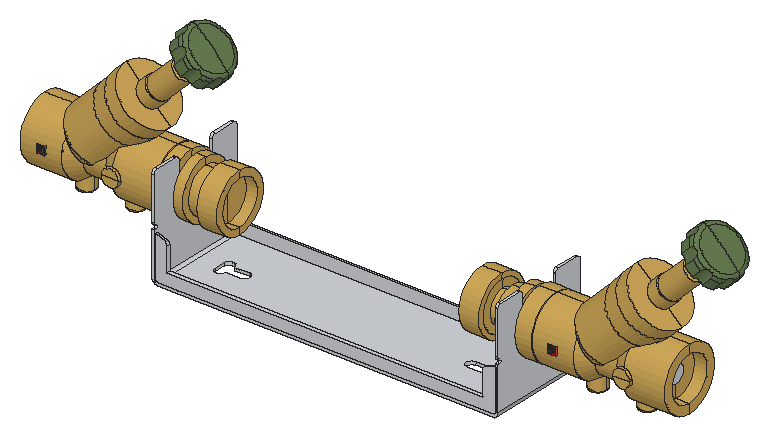
Revit family "Комплект для подключения счетчиков воды 4126", category Rohrzubehör, Revit 2021
Family settings
  Bemaßung runder Anschluss = Durchmesser verwenden
  Teiletyp = Unterbricht
  OmniClass-Nummer = 23.65.55.14
  OmniClass-Titel = Valves for Liquid Services
  Arbeitsebenenbasiert = Nein
  Immer vertikal = Ja
  Beim Laden mit Abzugskörper schneiden = Nein
  Gemeinsam genutzt = Nein
Parameters
  Шпиндель = "штампованная латунь CW 617N"  # constant formula
  Среда = "Питьевая вода"  # constant formula
  Примечание = "В соответствии со статьей 33 Регламента REACH (Registration; Evaluation; Authorisation; Restriction of Chemicals) (EC № 1907/2006) мы обязаны указать, что свинец внесен в список SVHC (Substances of Very High Concern - вещества очень высокой важности) и весовой процент свинца во всех латунных компонентах заводского изготовления в наших изделиях, превышает 0,1 % (w/w) (CAS: 7439-92-1 / EINECS: 231-100-4).\r\nПоскольку свинец является легирующим компонентом сплава, прямое негативное влияние исключается, и поэтому дополнительной информации о безопасном использовании не требуется."
  Область применения = "Для перекрытия трубопроводов системы питьевого водоснабжения и для установки водосчетчика."
  Номер заказа [instance] = size_lookup("4126W_", "Artnr", 0, Nennweite AG)  # 2412666
  Маховик = "пластик, цвет - зеленый"  # constant formula
  Макс. рабочее давление = 1600000.0 Pa  # constant formula
  Макс. рабочая температура = 80 °C  # constant formula
  Корпус = "литая латунь, устойчивая к селективной цинковой коррозии, CC770S"  # constant formula
  Давление открытия обратного клапана = "согласно DIN EN 13959"  # constant formula
  W01 = 20.00°  # constant formula
  Vorgabe-Ansicht = 0.000 mm
  URL = "www.herz-armaturen.ru"
  T03 [instance] = R02 - 3.000 mm  # 54.500 mm
  T02 = 17.000 mm  # constant formula
  T01 = 3.000 mm  # constant formula
  SW03 [instance] = size_lookup("4126W_", "SW3", 1.000 mm, Nennweite AG)  # 32.500 mm
  SW02 [instance] = size_lookup("4126W_", "SW2", 1.000 mm, Nennweite AG)  # 32.500 mm
  SW01 [instance] = size_lookup("4126W_", "SW1", 1.000 mm, Nennweite AG)  # 35.000 mm
  SC_NennweiteBerechnet = 0
  SC_Dimension = ""
  SCTWSEQ = "AW;SBT_TYP_AW=\"105\";2"
  SCTWCODE = "02;01;02"  # constant formula
  S05 [instance] = L02 + L12 - L03  # 214.500 mm
  S04 [instance] = L02 + L04 - L03  # 211.500 mm
  S03 = 10.000 mm  # constant formula
  S02 [instance] = Nennweite IG  # 50.000 mm
  S01 [instance] = L01 - L03  # 56.000 mm
  S = 3.000 mm  # constant formula
  R50 = 4.000 mm  # constant formula
  R02 [instance] = size_lookup("4126W_", "R2", 1.000 mm, Nennweite AG)  # 57.500 mm
  R01 [instance] = size_lookup("4126W_", "R1", 1.000 mm, Nennweite AG)  # 24.000 mm
  Nennweite IG [instance] = size_lookup("4126W_", "DN1", 1.000 mm, Nennweite AG)  # 50.000 mm
  Nennweite AG [instance] = 50.000 mm
  Макс. перепад давления на закрытом седле = 1000000.0 Pa  # constant formula
  L99 [instance] = size_lookup("4126W_", "L99", 1.000 mm, Nennweite AG)  # 300.000 mm
  L15 = 2.000 mm  # constant formula
  L14 [instance] = size_lookup("4126W_", "L14", 1.000 mm, Nennweite AG)  # 64.000 mm
  L13 [instance] = size_lookup("4126W_", "L13", 1.000 mm, Nennweite AG)  # 54.500 mm
  L12 [instance] = size_lookup("4126W_", "L12", 1.000 mm, Nennweite AG)  # 39.500 mm
  L11 [instance] = size_lookup("4126W_", "L11", 1.000 mm, Nennweite AG)  # 70.000 mm
  L10 [instance] = size_lookup("4126W_", "L10", 1.000 mm, Nennweite AG)  # 15.000 mm
  L09 [instance] = size_lookup("4126W_", "L9", 1.000 mm, Nennweite AG)  # 25.500 mm
  L08 [instance] = size_lookup("4126W_", "L8", 1.000 mm, Nennweite AG)  # 13.400 mm
  L07 [instance] = size_lookup("4126W_", "L7", 1.000 mm, Nennweite AG)  # 22.000 mm
  L06 [instance] = size_lookup("4126W_", "L6", 1.000 mm, Nennweite AG)  # 25.000 mm
  L05 [instance] = size_lookup("4126W_", "L5", 1.000 mm, Nennweite AG)  # 35.500 mm
  L04 [instance] = size_lookup("4126W_", "L4", 1.000 mm, Nennweite AG)  # 36.500 mm
  L03 [instance] = size_lookup("4126W_", "L3", 1.000 mm, Nennweite AG)  # 21.000 mm
  L02 [instance] = (L00 / 2) + 1.000 mm  # 196.000 mm
  L01 [instance] = size_lookup("4126W_", "L1", 1.000 mm, Nennweite AG)  # 77.000 mm
  L00 [instance] = size_lookup("4126W_", "L", 1.000 mm, Nennweite AG)  # 390.000 mm
  Конус = "штампованная латунь CW 617N"  # constant formula
  Hersteller = "HERZ Armaturen Ges.m.b.H."  # constant formula
  H01 [instance] = 75.000 mm  # constant formula
  H00 [instance] = 115.000 mm  # constant formula
  Незапланированные повышения температуры = "до  95 °C, продолжительностью не более 1 часа"  # constant formula
  G2 [instance] = Nennweite IG / 2  # 25.000 mm
  G1 [instance] = Nennweite AG / 2  # 25.000 mm
  DN50 [instance] = Nennweite AG = 50.000 mm  # yes
  DN40 [instance] = Nennweite AG = 40.000 mm  # no
  DN32 [instance] = Nennweite AG = 32.000 mm  # no
  DN25 [instance] = Nennweite AG = 25.000 mm  # no
  DN20 [instance] = Nennweite AG = 20.000 mm  # no
  D06 [instance] = size_lookup("4126W_", "D6", 1.000 mm, Nennweite AG)  # 21.500 mm
  D05 [instance] = size_lookup("4126W_", "D5", 1.000 mm, Nennweite AG)  # 27.000 mm
  D04 [instance] = size_lookup("4126W_", "D4", 1.000 mm, Nennweite AG)  # 18.200 mm
  D03 [instance] = size_lookup("4126W_", "D3", 1.000 mm, Nennweite AG)  # 25.000 mm
  D02 [instance] = size_lookup("4126W_", "D2", 1.000 mm, Nennweite AG)  # 25.000 mm
  D01 [instance] = size_lookup("4126W_", "D1", 1.000 mm, Nennweite AG)  # 22.500 mm
  Скоба = "оцинкованная листовая сталь"  # constant formula
  ABvor [instance] = size_lookup("4126W_", "ABvor", 1.000 mm, Nennweite AG)  # 346.500 mm
  ABnach [instance] = size_lookup("4126W_", "ABnach", 1.000 mm, Nennweite AG)  # 349.500 mm
Reference planes
  plane 1 "Mitte (Vorne/hinten)": y = 0
  plane 2: z = 0
  plane 3 "Mitte (Links/rechts)": x = 0
Forms (mm)
  Extrusion 1, solid, detail levels fine
    sketch origin (0, 0, 0) x (1, 0, 0) y (0, 0, 1)
      loop
        line (195, 40) -> (192, 40) -> (192, -69)
        arc (192, -69) -> (191.121, -71.121) -> (189, -72) r 3
        line (189, -72) -> (-189, -72)
        arc (-189, -72) -> (-191.121, -71.121) -> (-192, -69) r 3
        line (-192, -69) -> (-192, 40) -> (-195, 40) -> (-195, -69)
        arc (-195, -69) -> (-193.243, -73.243) -> (-189, -75) r 6
        line (-189, -75) -> (189, -75)
        arc (189, -75) -> (193.243, -73.243) -> (195, -69) r 6
        line (195, -69) -> (195, 40)
    from -57.5 to 57.5
  Extrusion 2, solid, detail levels fine
    sketch origin (0, 0, 0) x (1, 0, 0) y (0, 0, 1)
      loop
        line (-192, -23.301) -> (-192, -69)
        arc (-192, -69) -> (-191.121, -71.121) -> (-189, -72) r 3
        line (-189, -72) -> (189, -72)
        arc (189, -72) -> (191.121, -71.121) -> (192, -69) r 3
        line (192, -69) -> (192, -23.301) -> (180.632, -27.439)
        arc (180.632, -27.439) -> (178.723, -28.904) -> (178, -31.198) r 4
        line (178, -31.198) -> (178, -58) -> (-178, -58) -> (-178, -31.198)
        arc (-178, -31.198) -> (-178.723, -28.904) -> (-180.632, -27.439) r 4
        line (-180.632, -27.439) -> (-192, -23.301)
    from -57.5 to -54.5
  Extrusion 3, void
    sketch origin (0, 0, 0) x (0, 1, 0) y (0, 0, 1)
      loop
        arc (-24, 0) -> (0, -24) -> (24, 0) r 24
        line (24, 0) -> (24, 36)
        arc (24, 36) -> (25.172, 38.828) -> (28, 40) r 4
        line (28, 40) -> (53.5, 40)
        arc (53.5, 40) -> (56.328, 38.828) -> (57.5, 36) r 4
        line (57.5, 36) -> (57.5, -13)
        arc (57.5, -13) -> (56.621, -15.121) -> (54.5, -16) r 3
        arc (54.5, -16) -> (52.5, -18) -> (54.5, -20) r 2
        line (54.5, -20) -> (65.5, -20) -> (65.5, 45) -> (-65.5, 45) -> (-65.5, -20) -> (-54.5, -20)
        arc (-54.5, -20) -> (-52.5, -18) -> (-54.5, -16) r 2
        arc (-54.5, -16) -> (-56.621, -15.121) -> (-57.5, -13) r 3
        line (-57.5, -13) -> (-57.5, 36)
        arc (-57.5, 36) -> (-56.328, 38.828) -> (-53.5, 40) r 4
        line (-53.5, 40) -> (-28, 40)
        arc (-28, 40) -> (-25.172, 38.828) -> (-24, 36) r 4
        line (-24, 36) -> (-24, 0)
    from 300 to -300
  Extrusion 4, void
    sketch origin (0, 0, 0) x (1, 0, 0) y (0, 1, 0)
      loop
        arc (119.097, 6.1) -> (112.997, 0) -> (119.097, -6.1) r 6.1
        line (119.097, -6.1) -> (158.897, -6.1)
        arc (158.897, -6.1) -> (164.997, 0) -> (158.897, 6.1) r 6.1
        line (158.897, 6.1) -> (119.097, 6.1)
      loop
        line (-165, 6.1) -> (-165, -6.1)
        arc (-165, -6.1) -> (-158.9, -12.2) -> (-152.8, -6.1) r 6.1
        line (-152.8, -6.1) -> (-136.1, -6.1)
        arc (-136.1, -6.1) -> (-130, 0) -> (-136.1, 6.1) r 6.1
        line (-136.1, 6.1) -> (-152.8, 6.1)
        arc (-152.8, 6.1) -> (-158.9, 12.2) -> (-165, 6.1) r 6.1
    from -75 to -72
  Revolve 5, solid, material "Messing, weicher Gelbton, geschweißt", detail levels fine
    sketch origin (0, 0, 0) x (1, 0, 0) y (0, 0, 1)
      loop
        line (-232.5, 0) -> (-155.5, 0) -> (-155.5, 25) -> (-180.5, 25) -> (-180.5, 32.5) -> (-191, 32.5) -> (-191, 22.5) -> (-196, 22.5) -> (-196, 35) -> (-211.5, 35) -> (-211.5, 25) -> (-232.5, 25) -> (-232.5, 0)
      axis (-232.5, 0) -> (-155.5, 0)
    angle from 0 to 360
  Revolve 6, solid, material "Messing, weicher Gelbton, geschweißt", detail levels fine
    sketch origin (0, 0, 0) x (1, 0, 0) y (0, 0, 1)
      loop
        line (-164.1, 0) -> (-155.5, 0) -> (-155.5, 25) -> (-142.1, 25) -> (-142.1, 32.5) -> (-164.1, 32.5) -> (-164.1, 0)
      axis (-164.1, 0) -> (-142.1, 0)
    angle from 0 to 360
  Revolve 7, solid, material "Messing, weicher Gelbton, geschweißt", detail levels fine
    sketch origin (0, 0, 0) x (-1, 0, 0) y (0, 0, 1)
      loop
        line (-235.5, 0) -> (-198, 0) -> (-198, 18.2) -> (-165.5, 18.2) -> (-165.5, 25) -> (-180.5, 25) -> (-180.5, 32.5) -> (-191, 32.5) -> (-191, 22.5) -> (-196, 22.5) -> (-196, 35) -> (-214.5, 35) -> (-214.5, 25) -> (-235.5, 25) -> (-235.5, 0)
      axis (-235.5, 0) -> (-165.5, 0)
    angle from 0 to 360
  Revolve 8, solid, material "Messing, weicher Gelbton, geschweißt", detail levels fine
    sketch origin (0, 0, 0) x (1, 0, 0) y (0, 0, 1)
      loop
        line (208.5, 0) -> (208.5, 18.2) -> (154, 18.2) -> (154, 27) -> (146.5, 27) -> (146.5, 21.5) -> (144.5, 21.5) -> (144.5, 0) -> (208.5, 0)
      axis (144.5, 0) -> (208.5, 0)
    angle from 0 to 360
  Revolve 9, solid, material "Messing, weicher Gelbton, geschweißt", detail levels fine
    sketch origin (-18.22, 0, 0) x (-1, 0, 0) y (0, 0, 1)
      loop
        line (-171.32, 0) -> (-162.72, 0) -> (-162.72, 25) -> (-149.32, 25) -> (-149.32, 32.5) -> (-171.32, 32.5) -> (-171.32, 0)
      axis (-171.32, 0) -> (-149.32, 0)
    angle from 0 to 360
  Extrusion 10, solid, detail levels fine
    sketch origin (0, 0, 0) x (1, 0, 0) y (0, 0, 1)
      loop
        line (-192, -23.301) -> (-192, -69)
        arc (-192, -69) -> (-191.121, -71.121) -> (-189, -72) r 3
        line (-189, -72) -> (189, -72)
        arc (189, -72) -> (191.121, -71.121) -> (192, -69) r 3
        line (192, -69) -> (192, -23.301) -> (180.632, -27.439)
        arc (180.632, -27.439) -> (178.723, -28.904) -> (178, -31.198) r 4
        line (178, -31.198) -> (178, -58) -> (-178, -58) -> (-178, -31.198)
        arc (-178, -31.198) -> (-178.723, -28.904) -> (-180.632, -27.439) r 4
        line (-180.632, -27.439) -> (-192, -23.301)
    from 54.5 to 57.5
  Extrusion 11, solid, detail levels fine
    sketch origin (55, 0, 0) x (0, 1, 0) y (0, 0, -1)
      loop
        circle (0, 0) r 10
    from 398.5 to 401.5
  Extrusion 12, solid, detail levels fine
    sketch origin (125, 0, 0) x (0, 1, 0) y (0, 0, -1)
      loop
        circle (0, 0) r 10
    from -224.5 to -221.5
Cuts and joins
  Extrusion 3, Extrusion 4 cuts Extrusion 1
Lines and regions (mm)
  model lines, detail levels coarse+medium
    curve 1: line (-211.5, 0, 0) -> (-155.5, 0, 0)
    curve 2: line (-155.5, 0, 25) -> (-155.5, 0, -25)
    curve 3: line (-155.5, 0, 25) -> (-165.5, 0, 25)
    curve 4: line (-165.5, 0, 25) -> (-155.5, 0, 0)
    curve 5: line (-155.5, 0, -25) -> (-165.5, 0, -25)
    curve 6: line (-165.5, 0, -25) -> (-155.5, 0, 0)
    curve 7: line (144.5, 0, 25) -> (144.5, 0, -25)
    curve 8: line (144.5, 0, 25) -> (154.5, 0, 25)
    curve 9: line (154.5, 0, 25) -> (144.5, 0, 0)
    curve 10: line (144.5, 0, -25) -> (154.5, 0, -25)
    curve 11: line (154.5, 0, -25) -> (144.5, 0, 0)
    curve 12: line (214.5, 0, 0) -> (144.5, 0, 0)
    curve 13: line (144.5, -25, 0) -> (144.5, 25, 0)
    curve 14: line (144.5, 25, 0) -> (154.5, 25, 0)
    curve 15: line (154.5, 25, 0) -> (144.5, 0, 0)
    curve 16: line (144.5, -25, 0) -> (154.5, -25, 0)
    curve 17: line (154.5, -25, 0) -> (144.5, 0, 0)
    curve 18: line (-155.5, -25, 0) -> (-155.5, 25, 0)
    curve 19: line (-155.5, 25, 0) -> (-165.5, 25, 0)
    curve 20: line (-165.5, 25, 0) -> (-155.5, 0, 0)
    curve 21: line (-155.5, -25, 0) -> (-165.5, -25, 0)
    curve 22: line (-165.5, -25, 0) -> (-155.5, 0, 0)
Dimensions and locks
  "H00": Extrusion 1 sketch curve to Extrusion 1 sketch curve  (x2)
  "T01": Extrusion 1 sketch curve to Extrusion 1 sketch curve  (x3)
  "L00": Extrusion 1 sketch curve to Extrusion 1 sketch curve
  equal spacing: Extrusion 1 sketch curve, plane 3 "Mitte (Links/rechts)", Extrusion 1 sketch curve
  "H01": plane 2 to Extrusion 1 sketch curve
  "T02": Extrusion 2 sketch curve to Extrusion 1
  "T02": Extrusion 1 to Extrusion 2 sketch curve  (x2)
  Extrusion 4 sketch curve to cut or joined group of Extrusion 1, Extrusion 3, Extrusion 4 = 36.103 mm
  Extrusion 4 sketch curve to Extrusion 4 sketch curve = 39.800 mm
  equal spacing: Extrusion 4 sketch curve, plane 1 "Mitte (Vorne/hinten)", Extrusion 4 sketch curve
  Extrusion 4 sketch curve to Extrusion 4 sketch curve = 12.200 mm
  cut or joined group of Extrusion 1, Extrusion 3, Extrusion 4 to Extrusion 4 sketch curve = 36.100 mm
  cut or joined group of Extrusion 1, Extrusion 3, Extrusion 4 to Extrusion 4 sketch curve = 58.900 mm
  "G1": Revolve 5 sketch curve to Revolve 5 sketch curve
  "L03": Revolve 5 sketch curve to Revolve 5 sketch curve
  "L01": Revolve 5 sketch curve to Revolve 5 sketch curve
  "L02": plane 3 "Mitte (Links/rechts)" to Revolve 5 sketch curve
  "SW01": Revolve 5 sketch curve to Revolve 5 sketch curve
  "SW02": Revolve 5 sketch curve to Revolve 5 sketch curve
  "D01": Revolve 5 sketch curve to Revolve 5 sketch curve
  "L04": Revolve 5 sketch curve to Revolve 5 sketch curve
  "L05": Revolve 5 sketch curve to Revolve 5 sketch curve
  "L06": Revolve 5 sketch curve to Revolve 5 sketch curve
  "D02": Revolve 5 sketch curve to Revolve 5 sketch curve
  "L07": Revolve 6 sketch curve to Revolve 6 sketch curve
  "SW03": Revolve 6 sketch curve to plane 2
  "G2": Revolve 6 sketch curve to plane 2
  "L08": Revolve 6 sketch curve to Revolve 5
  "L08": Revolve 6 sketch curve to Revolve 6 sketch curve
  "G1": Revolve 7 sketch curve to Revolve 7 sketch curve
  "L03": Revolve 7 sketch curve to Revolve 7 sketch curve
  "L11": Revolve 7 sketch curve to Revolve 7 sketch curve
  "SW01": Revolve 7 sketch curve to Revolve 7 sketch curve
  "SW02": Revolve 7 sketch curve to Revolve 7 sketch curve
  "D01": Revolve 7 sketch curve to Revolve 7 sketch curve
  "L12": Revolve 7 sketch curve to Revolve 7 sketch curve
  "L09": Revolve 7 sketch curve to Revolve 7 sketch curve
  "L10": Revolve 7 sketch curve to Revolve 7 sketch curve
  "D03": Revolve 7 sketch curve to Revolve 7 sketch curve
  "L02": plane 3 "Mitte (Links/rechts)" to Revolve 7 sketch curve
  "D04": Revolve 7 sketch curve to plane 2
  "D04": Revolve 8 sketch curve to Revolve 8 sketch curve
  "L13": Revolve 8 sketch curve to Revolve 8 sketch curve
  "L14": Revolve 8 sketch curve to Revolve 8 sketch curve
  "L15": Revolve 8 sketch curve to Revolve 8 sketch curve
  "D05": Revolve 8 sketch curve to Revolve 8 sketch curve
  "D06": Revolve 8 sketch curve to Revolve 8 sketch curve
  "L99": Revolve 5 to Revolve 8
  "L07": Revolve 9 sketch curve to Revolve 9 sketch curve
  "L08": Revolve 9 sketch curve to Revolve 9 sketch curve
  "L08": Revolve 8 to Revolve 9 sketch curve
  "T03": plane 1 "Mitte (Vorne/hinten)" to Extrusion 2
  "R02": cut or joined group of Extrusion 1, Extrusion 3, Extrusion 4 to plane 1 "Mitte (Vorne/hinten)" to cut or joined group of Extrusion 1, Extrusion 3, Extrusion 4
  "R02": plane 1 "Mitte (Vorne/hinten)" to Extrusion 2
  "R02": Extrusion 3 sketch curve to plane 1 "Mitte (Vorne/hinten)" to Extrusion 3 sketch curve
  "R01": Extrusion 3 sketch curve to plane 1 "Mitte (Vorne/hinten)" to Extrusion 3 sketch curve
  "T02": cut or joined group of Extrusion 1, Extrusion 3, Extrusion 4 to Extrusion 10 sketch curve  (x2)
  "T02": Extrusion 10 sketch curve to cut or joined group of Extrusion 1, Extrusion 3, Extrusion 4
  "T03": Extrusion 10 to plane 1 "Mitte (Vorne/hinten)"
  "R02": Extrusion 10 to plane 1 "Mitte (Vorne/hinten)"
  "G2": Revolve 9 sketch curve to plane 2
  "SW03": Revolve 9 sketch curve to level
  "S01": curve 1 to curve 1
  equal spacing: curve 2, plane 2, curve 2
  "S02": curve 2 to curve 2
  "S03": curve 4 to curve 2
  "S04": plane 3 "Mitte (Links/rechts)" to curve 1
  "S03": curve 6 to curve 2
  equal spacing: curve 7, plane 2, curve 7
  "S02": curve 7 to curve 7
  "S03": curve 9 to curve 7
  "S03": curve 11 to curve 7
  "S05": curve 12 to plane 3 "Mitte (Links/rechts)"
  "L99": curve 12 to curve 6
  equal spacing: curve 13, plane 1 "Mitte (Vorne/hinten)", curve 13
  "S02": curve 13 to curve 13
  "S03": curve 13 to curve 15
  "S03": curve 13 to curve 17
  equal spacing: curve 18, plane 1 "Mitte (Vorne/hinten)", curve 18
  "S02": curve 18 to curve 18
  "S03": curve 18 to curve 20
  "S03": curve 18 to curve 22
  "L99": curve 18 to Revolve 9
  "L99": Revolve 6 to curve 13
  "ABnach": Extrusion 12 to plane 3 "Mitte (Links/rechts)"
  "ABvor": plane 3 "Mitte (Links/rechts)" to Extrusion 11
  "S": Extrusion 11 to Extrusion 11
  "S": Extrusion 12 to Extrusion 12
  radius of Extrusion 4 sketch curve = 6.100 mm  (x3)
  "R50": radius of Extrusion 3 sketch curve  (x4)
  "W01": angle Extrusion 2 sketch curve to plane 2
  "W01": angle plane 2 to Extrusion 2 sketch curve
  "W01": angle Extrusion 10 sketch curve to plane 2
  "W01": angle plane 2 to Extrusion 10 sketch curve
  aligned and locked: level to plane 2
Automatic sketch dimensions
  plane 1 "Mitte (Vorne/hinten)" to Extrusion 4 sketch curve = 0.000 mm
  Extrusion 4 sketch curve to Extrusion 4 sketch curve = 0.000 mm  (x2)
  Extrusion 4 sketch curve to Extrusion 4 sketch curve = 6.100 mm
  Revolve 5 sketch curve to level = 0.000 mm  (x2)
  Revolve 5 sketch curve to Revolve 5 sketch curve = 1448.205 mm
  plane 3 "Mitte (Links/rechts)" to Revolve 5 sketch curve = 1739.472 mm
  Revolve 6 sketch curve to level = 0.000 mm  (x2)
  Revolve 6 sketch curve to Revolve 6 sketch curve = 1428.686 mm
  plane 3 "Mitte (Links/rechts)" to Revolve 6 sketch curve = 1839.148 mm
  Revolve 7 sketch curve to level = 0.000 mm  (x2)
  Revolve 7 sketch curve to Revolve 7 sketch curve = 2.000 mm
  Revolve 7 sketch curve to Revolve 7 sketch curve = 1448.205 mm
  plane 3 "Mitte (Links/rechts)" to Revolve 7 sketch curve = 1739.472 mm
  Revolve 9 sketch curve to level = 0.000 mm  (x2)
  Revolve 9 sketch curve to Revolve 9 sketch curve = 1428.686 mm
  plane 3 "Mitte (Links/rechts)" to Revolve 9 sketch curve = 1857.367 mm
  Extrusion 11 sketch curve to level = 0.000 mm
  Extrusion 11 sketch curve to plane 1 "Mitte (Vorne/hinten)" = 0.000 mm
  Extrusion 12 sketch curve to level = 0.000 mm
  Extrusion 12 sketch curve to plane 1 "Mitte (Vorne/hinten)" = 0.000 mm
  curve 12 to level = 0.000 mm
  curve 1 to level = 0.000 mm
  plane 1 "Mitte (Vorne/hinten)" to curve 15 = 0.000 mm
  plane 1 "Mitte (Vorne/hinten)" to curve 17 = 0.000 mm
  plane 1 "Mitte (Vorne/hinten)" to curve 20 = 0.000 mm
  plane 1 "Mitte (Vorne/hinten)" to curve 22 = 0.000 mm
  Extrusion 1 sketch curve to Extrusion 1 sketch curve = 0.000 mm  (x2)
  Extrusion 1 sketch curve to Extrusion 1 sketch curve = 3.000 mm  (x2)
  Extrusion 2 sketch curve to level = 27.439 mm  (x2)
  Extrusion 2 sketch curve to Extrusion 2 sketch curve = 2.632 mm  (x2)
  Extrusion 2 sketch curve to Extrusion 2 sketch curve = 4.000 mm  (x2)
  Extrusion 2 sketch curve to Extrusion 2 sketch curve = 11.000 mm  (x3)
  Extrusion 2 sketch curve to Extrusion 2 sketch curve = 11.368 mm
  Extrusion 2 sketch curve to level = 23.301 mm
  Extrusion 3 sketch curve to level = 0.000 mm
  Extrusion 3 sketch curve to Extrusion 3 sketch curve = 8.000 mm  (x2)
  Extrusion 3 sketch curve to Extrusion 3 sketch curve = 3.000 mm  (x2)
  Extrusion 3 sketch curve to level = 13.000 mm  (x2)
  Extrusion 3 sketch curve to Extrusion 3 sketch curve = 2.000 mm  (x3)
  Extrusion 3 sketch curve to Extrusion 3 sketch curve = 7.000 mm
  level to Extrusion 3 sketch curve = 36.000 mm  (x2)
  Extrusion 3 sketch curve to Extrusion 3 sketch curve = 9.000 mm
  Revolve 8 sketch curve to level = 0.000 mm  (x2)
  plane 3 "Mitte (Links/rechts)" to Revolve 8 sketch curve = 144.500 mm
  Revolve 8 sketch curve to plane 3 "Mitte (Links/rechts)" = 1506.530 mm
  Revolve 8 sketch curve to Revolve 8 sketch curve = 1759.148 mm
  Extrusion 10 sketch curve to level = 27.439 mm  (x2)
  Extrusion 10 sketch curve to Extrusion 10 sketch curve = 2.632 mm  (x2)
  Extrusion 10 sketch curve to Extrusion 10 sketch curve = 1.368 mm
  Extrusion 10 sketch curve to Extrusion 10 sketch curve = 11.000 mm  (x3)
  Extrusion 10 sketch curve to level = 23.301 mm
  Extrusion 10 sketch curve to Extrusion 10 sketch curve = 4.000 mm
  Extrusion 10 sketch curve to Extrusion 10 sketch curve = 11.368 mm
  radius of Extrusion 11 sketch curve = 10.000 mm
  radius of Extrusion 12 sketch curve = 10.000 mm
Nested families
  nested 1: "Rückflussverhinderer 4126" at (-182.5, 0, 0), visible <- "DN20", type "Rückflussverhinderer 4126"
    with S02 95.900 mm, S01 32.000 mm, R12 15.000 mm, R11 5.400 mm, R10 8.500 mm, R09 11.750 mm, R08 13.000 mm, R07 16.500 mm, R06 14.600 mm, R05 10.000 mm, R04 9.500 mm, R02 10.000 mm, R01 16.000 mm, Nennweite 20.000 mm, L16 12.000 mm, L15 12.400 mm, L14 8.000 mm, L12 33.500 mm, L11 12.500 mm, L10 11.000 mm, L09 15.500 mm, L08 30.100 mm, L07 13.500 mm, L06 34.500 mm, L05 26.500 mm, L04 25.500 mm, L02 8.000 mm, L01 24.000 mm, L00 75.000 mm, H01 26.400 mm, DN50 no, DN40 no, DN32 no, DN25-DN50 no, DN25 no, DN20 yes, DN15 no, Bestellnummer 2412602
  nested 2: "Rückflussverhinderer 4126" at (183.5, 0, 0), visible <- "DN20", type "Rückflussverhinderer 4126"
    with S02 95.900 mm, S01 32.000 mm, R12 15.000 mm, R11 5.400 mm, R10 8.500 mm, R09 11.750 mm, R08 13.000 mm, R07 16.500 mm, R06 14.600 mm, R05 10.000 mm, R04 9.500 mm, R02 10.000 mm, R01 16.000 mm, Nennweite 20.000 mm, L16 12.000 mm, L15 12.400 mm, L14 8.000 mm, L12 33.500 mm, L11 12.500 mm, L10 11.000 mm, L09 15.500 mm, L08 30.100 mm, L07 13.500 mm, L06 34.500 mm, L05 26.500 mm, L04 25.500 mm, L02 8.000 mm, L01 24.000 mm, L00 75.000 mm, H01 26.400 mm, DN50 no, DN40 no, DN32 no, DN25-DN50 no, DN25 no, DN20 yes, DN15 no, Bestellnummer 2412602
  nested 3: "Rückflussverhinderer 4126" at (-190, 0, 0), visible <- "DN25", type "Rückflussverhinderer 4126"
    with S02 113.800 mm, S01 41.000 mm, R12 19.500 mm, R11 6.000 mm, R10 9.000 mm, R09 12.750 mm, R08 14.000 mm, R07 20.000 mm, R06 17.750 mm, R05 12.500 mm, R04 9.500 mm, R02 12.500 mm, R01 20.500 mm, Nennweite 25.000 mm, L16 13.500 mm, L15 12.400 mm, L14 12.000 mm, L12 43.400 mm, L11 22.400 mm, L10 11.000 mm, L09 19.500 mm, L08 34.000 mm, L07 18.000 mm, L06 38.500 mm, L05 25.500 mm, L04 25.500 mm, L02 11.000 mm, L01 27.000 mm, L00 90.000 mm, H01 32.000 mm, DN50 no, DN40 no, DN32 no, DN25-DN50 yes, DN25 yes, DN20 no, DN15 no, Bestellnummer 2412603
  nested 4: "Rückflussverhinderer 4126" at (191, 0, 0), visible <- "DN25", type "Rückflussverhinderer 4126"
    with S02 113.800 mm, S01 41.000 mm, R12 19.500 mm, R11 6.000 mm, R10 9.000 mm, R09 12.750 mm, R08 14.000 mm, R07 20.000 mm, R06 17.750 mm, R05 12.500 mm, R04 9.500 mm, R02 12.500 mm, R01 20.500 mm, Nennweite 25.000 mm, L16 13.500 mm, L15 12.400 mm, L14 12.000 mm, L12 43.400 mm, L11 22.400 mm, L10 11.000 mm, L09 19.500 mm, L08 34.000 mm, L07 18.000 mm, L06 38.500 mm, L05 25.500 mm, L04 25.500 mm, L02 11.000 mm, L01 27.000 mm, L00 90.000 mm, H01 32.000 mm, DN50 no, DN40 no, DN32 no, DN25-DN50 yes, DN25 yes, DN20 no, DN15 no, Bestellnummer 2412603
  nested 5: "Rückflussverhinderer 4126" at (-200, 0, 0), visible <- "DN32", type "Rückflussverhinderer 4126"
    with S02 129.700 mm, S01 50.000 mm, R12 24.000 mm, R11 6.000 mm, R10 9.000 mm, R09 12.750 mm, R08 14.000 mm, R07 25.000 mm, R06 24.000 mm, R05 16.000 mm, R04 9.500 mm, R02 16.000 mm, R01 25.000 mm, Nennweite 32.000 mm, L16 16.500 mm, L15 12.400 mm, L14 12.000 mm, L12 47.300 mm, L11 26.300 mm, L10 11.000 mm, L09 10.000 mm, L08 52.700 mm, L07 20.000 mm, L06 60.000 mm, L05 28.600 mm, L04 27.500 mm, L02 7.500 mm, L01 33.000 mm, L00 110.000 mm, H01 39.000 mm, DN50 no, DN40 no, DN32 yes, DN25-DN50 yes, DN25 no, DN20 no, DN15 no, Bestellnummer 2412604
  nested 6: "Rückflussverhinderer 4126" at (201, 0, 0), visible <- "DN32", type "Rückflussverhinderer 4126"
    with S02 129.700 mm, S01 50.000 mm, R12 24.000 mm, R11 6.000 mm, R10 9.000 mm, R09 12.750 mm, R08 14.000 mm, R07 25.000 mm, R06 24.000 mm, R05 16.000 mm, R04 9.500 mm, R02 16.000 mm, R01 25.000 mm, Nennweite 32.000 mm, L16 16.500 mm, L15 12.400 mm, L14 12.000 mm, L12 47.300 mm, L11 26.300 mm, L10 11.000 mm, L09 10.000 mm, L08 52.700 mm, L07 20.000 mm, L06 60.000 mm, L05 28.600 mm, L04 27.500 mm, L02 7.500 mm, L01 33.000 mm, L00 110.000 mm, H01 39.000 mm, DN50 no, DN40 no, DN32 yes, DN25-DN50 yes, DN25 no, DN20 no, DN15 no, Bestellnummer 2412604
  nested 7: "Rückflussverhinderer 4126" at (-274.5, 0, 0), visible <- "DN40", type "Rückflussverhinderer 4126"
    with S02 143.400 mm, S01 55.000 mm, R12 26.500 mm, R11 6.000 mm, R10 9.000 mm, R09 12.750 mm, R08 14.000 mm, R07 28.500 mm, R06 27.000 mm, R05 20.000 mm, R04 9.500 mm, R02 20.000 mm, R01 27.500 mm, Nennweite 40.000 mm, L16 19.000 mm, L15 12.400 mm, L14 14.000 mm, L12 50.000 mm, L11 28.000 mm, L10 12.000 mm, L09 15.000 mm, L08 51.500 mm, L07 21.000 mm, L06 66.000 mm, L05 32.000 mm, L04 31.000 mm, L02 9.000 mm, L01 38.000 mm, L00 120.000 mm, H01 40.000 mm, DN50 no, DN40 yes, DN32 no, DN25-DN50 yes, DN25 no, DN20 no, DN15 no, Bestellnummer 2412605
  nested 8: "Rückflussverhinderer 4126" at (274.5, 0, 0), visible <- "DN40", type "Rückflussverhinderer 4126"
    with S02 143.400 mm, S01 55.000 mm, R12 26.500 mm, R11 6.000 mm, R10 9.000 mm, R09 12.750 mm, R08 14.000 mm, R07 28.500 mm, R06 27.000 mm, R05 20.000 mm, R04 9.500 mm, R02 20.000 mm, R01 27.500 mm, Nennweite 40.000 mm, L16 19.000 mm, L15 12.400 mm, L14 14.000 mm, L12 50.000 mm, L11 28.000 mm, L10 12.000 mm, L09 15.000 mm, L08 51.500 mm, L07 21.000 mm, L06 66.000 mm, L05 32.000 mm, L04 31.000 mm, L02 9.000 mm, L01 38.000 mm, L00 120.000 mm, H01 40.000 mm, DN50 no, DN40 yes, DN32 no, DN25-DN50 yes, DN25 no, DN20 no, DN15 no, Bestellnummer 2412605
  nested 9: "Rückflussverhinderer 4126" at (-286.5, 0, 0), visible <- "DN50", type "Rückflussverhinderer 4126"
    with S02 182.900 mm, S01 70.000 mm, R12 34.000 mm, R11 6.000 mm, R10 9.000 mm, R09 13.000 mm, R08 14.000 mm, R07 35.000 mm, R06 33.500 mm, R05 25.000 mm, R04 9.500 mm, R02 25.000 mm, R01 35.000 mm, Nennweite 50.000 mm, L16 23.500 mm, L15 12.400 mm, L14 19.000 mm, L12 66.500 mm, L11 41.000 mm, L10 15.500 mm, L09 17.500 mm, L08 66.000 mm, L07 31.500 mm, L06 86.500 mm, L05 36.500 mm, L04 37.500 mm, L02 13.000 mm, L01 47.000 mm, L00 150.000 mm, H01 45.000 mm, DN50 yes, DN40 no, DN32 no, DN25-DN50 yes, DN25 no, DN20 no, DN15 no, Bestellnummer 2412606
  nested 10: "Rückflussverhinderer 4126" at (289.5, 0, 0), visible <- "DN50", type "Rückflussverhinderer 4126"
    with S02 182.900 mm, S01 70.000 mm, R12 34.000 mm, R11 6.000 mm, R10 9.000 mm, R09 13.000 mm, R08 14.000 mm, R07 35.000 mm, R06 33.500 mm, R05 25.000 mm, R04 9.500 mm, R02 25.000 mm, R01 35.000 mm, Nennweite 50.000 mm, L16 23.500 mm, L15 12.400 mm, L14 19.000 mm, L12 66.500 mm, L11 41.000 mm, L10 15.500 mm, L09 17.500 mm, L08 66.000 mm, L07 31.500 mm, L06 86.500 mm, L05 36.500 mm, L04 37.500 mm, L02 13.000 mm, L01 47.000 mm, L00 150.000 mm, H01 45.000 mm, DN50 yes, DN40 no, DN32 no, DN25-DN50 yes, DN25 no, DN20 no, DN15 no, Bestellnummer 2412606
Connectors
  piping at (-346.5, 0, 0), diameter 50, driven by "Nennweite AG"
    settings: on Extrusion 11, index 1, connector inside diameter 609.6 mm, connector length 0.000 mm, flow factor 0, pipe flow 0.0 L/s, pressure drop 0.0 Pa, fitting loss kfactor 0, connector angle 0.00°, fixture units 0, engagement length 0.000 mm, angle of deflection 0.00°, flow configuration 0, flow direction 1, fitting loss method 0, system type 20, joint type 0, gender type 0, connector reference index -1, connector utility 0, adjustable connector no, is connector primary yes, connector description ""
  piping at (349.5, 0, 0), diameter 50, driven by "Nennweite AG"
    settings: on Extrusion 12, index 2, connector inside diameter 609.6 mm, connector length 0.000 mm, flow factor 0, pipe flow 0.0 L/s, pressure drop 0.0 Pa, fitting loss kfactor 0, connector angle 0.00°, fixture units 0, engagement length 0.000 mm, angle of deflection 0.00°, flow configuration 0, flow direction 2, fitting loss method 0, system type 20, joint type 0, gender type 0, connector reference index -1, connector utility 0, adjustable connector no, is connector primary no, connector description ""
Definition of nested family "Rückflussverhinderer 4126"
  Parameters (values of type "Rückflussverhinderer 4126")
    W01 = 45.00°  # constant formula
    Default Elevation = 0.000 mm
    URL = "www.herz-armaturen.at"
    Spindel = "geschmiedetes Messing CW617N"  # constant formula
    SW01 = 60.00°  # constant formula
    SC_NennweiteBerechnet = 0
    SC_Dimension = ""
    SCTWSEQ = "FW;SBT_TYP_FW=\"109\";2"
    SCTWCODE = "04;00;02"  # constant formula
    S03 = 60.000 mm  # constant formula
    S02 [instance] = L06 + L09 + L12 + L15  # 95.900 mm
    S01 [instance] = R01 * 2  # 32.000 mm
    R12 [instance] = R01 - 1.000 mm  # 15.000 mm
    R11 [instance] = size_lookup("4126_", "R11", 46.500 mm, Nennweite)  # 5.400 mm
    R100 = 1.000 mm  # constant formula
    R10 [instance] = size_lookup("4126_", "R10", 46.500 mm, Nennweite)  # 8.500 mm
    R09 [instance] = size_lookup("4126_", "R9", 46.500 mm, Nennweite)  # 11.750 mm
    R08 [instance] = size_lookup("4126_", "R8", 46.500 mm, Nennweite)  # 13.000 mm
    R07 [instance] = size_lookup("4126_", "R7", 46.500 mm, Nennweite)  # 16.500 mm
    R06 [instance] = size_lookup("4126_", "R6", 43.000 mm, Nennweite)  # 14.600 mm
    R05 [instance] = Nennweite / 2  # 10.000 mm
    R04 [instance] = size_lookup("4126_", "R4", 11.500 mm, Nennweite)  # 9.500 mm
    R03 = 9.500 mm  # constant formula
    R02 [instance] = Nennweite / 2  # 10.000 mm
    R01 [instance] = size_lookup("4126_", "R1", 11.500 mm, Nennweite)  # 16.000 mm
    Nennweite [instance] = 20.000 mm
    Max.Betriebstemperatur = 80 °C  # constant formula
    Max.Betriebsdruck = 1600000.0 Pa  # constant formula
    L16 [instance] = L01 / 2  # 12.000 mm
    L15 [instance] = size_lookup("4126_", "L15", 12.400 mm, Nennweite)  # 12.400 mm
    L14 [instance] = size_lookup("4126_", "L14", 81.000 mm, Nennweite)  # 8.000 mm
    L12 [instance] = size_lookup("4126_", "L12", 81.000 mm, Nennweite)  # 33.500 mm
    L11 [instance] = size_lookup("4126_", "L11", 60.000 mm, Nennweite)  # 12.500 mm
    L10 [instance] = size_lookup("4126_", "L10", 20.000 mm, Nennweite)  # 11.000 mm
    L09 [instance] = size_lookup("4126_", "L9", 11.000 mm, Nennweite)  # 15.500 mm
    L08 [instance] = size_lookup("4126_", "L8", 35.000 mm, Nennweite)  # 30.100 mm
    L07 [instance] = size_lookup("4126_", "L7", 35.000 mm, Nennweite)  # 13.500 mm
    L06 [instance] = size_lookup("4126_", "L6", 118.000 mm, Nennweite) - L09  # 34.500 mm
    L05 [instance] = size_lookup("4126_", "L5", 44.000 mm, Nennweite)  # 26.500 mm
    L04 [instance] = size_lookup("4126_", "L4", 45.000 mm, Nennweite)  # 25.500 mm
    L03 = 15.000 mm  # constant formula
    L02 [instance] = size_lookup("4126_", "L2", 22.000 mm, Nennweite)  # 8.000 mm
    L01 [instance] = size_lookup("4126_", "L1", 48.000 mm, Nennweite)  # 24.000 mm
    L00 [instance] = size_lookup("4126_", "L", 180.000 mm, Nennweite)  # 75.000 mm
    Kegel = "geschmiedetes Messing CW617N"  # constant formula
    Manufacturer = "Herz-Armaturen GmbH"  # constant formula
    Handrad = "Kunststoff, grün"  # constant formula
    H01 [instance] = size_lookup("4126_", "H1", 53.000 mm, Nennweite)  # 26.400 mm
    Gehäuse = "entzinkungsbeständiges Gussmessing CC770S"  # constant formula
    DN50 [instance] = Nennweite = 50.000 mm  # no
    DN40 [instance] = Nennweite = 40.000 mm  # no
    DN32 [instance] = Nennweite = 32.000 mm  # no
    DN25-DN50 [instance] = or(Nennweite = 25.000 mm, Nennweite = 32.000 mm, Nennweite = 40.000 mm, Nennweite = 50.000 mm)  # no
    DN25 [instance] = Nennweite = 25.000 mm  # no
    DN20 [instance] = Nennweite = 20.000 mm  # yes
    DN15 [instance] = Nennweite = 15.000 mm  # no
    Bestellnummer [instance] = size_lookup("4126_", "Artnr", 0, Nennweite)  # 2412602
    Anwendungsgebiet = "Zum Absperren von Trinkwasserleitungen und -anlagen in Gebäuden\r\nMax. Betreibstemp.: 80°C (gelegentlicher Temperaturansteig bis 95°C sind zulässig, wenn sie nicht länger als 1h andauern)\r\nMax. Betiebsdruck: 10bar"
  Reference planes
    plane 1 "Mitte (Vorne/hinten)": y = 0
    plane 2: z = 0
    plane 3 "Mitte (Links/rechts)": x = 0
  Forms (mm)
    Revolve 1, solid, detail levels fine
      sketch origin (470, 0, 0) x (1, 0, 0) y (0, 0, 1)
        loop
          line (-507.5, 10) -> (-492.5, 10) -> (-492.5, 0) -> (-447.5, 0) -> (-447.5, 10) -> (-432.5, 10) -> (-432.5, 16) -> (-456.5, 16) -> (-462, 10) -> (-478, 10) -> (-483.5, 16) -> (-507.5, 16) -> (-507.5, 10)
        axis (-507.5, 0) -> (-432.5, 0)
      angle from 0 to 360
    Revolve 2, solid, detail levels fine
      sketch origin (470, 0, 0) x (1, 0, 0) y (0, 0, 1)
        loop
          line (-493, 0) -> (-493, -25.4)
          arc (-493, -25.4) -> (-492.707, -26.107) -> (-492, -26.4) r 1
          line (-492, -26.4) -> (-483.5, -26.4) -> (-483.5, 0) -> (-493, 0)
        axis (-483.5, 0) -> (-483.5, -26.4)
      angle from 0 to 360
    Revolve 3, solid, detail levels fine
      sketch origin (0, 0, 0) x (1, 0, 0) y (0, 1, 0)
        loop
          line (13.5, -25.5) -> (23, -25.5) -> (23, 26.5) -> (13.5, 26.5) -> (13.5, -25.5)
        axis (13.5, -25.5) -> (13.5, 26.5)
      angle from 0 to 360
    Revolve 4, solid, visible <- "DN25-DN50", detail levels fine
      sketch origin (-470, 0, 0) x (-1, 0, 0) y (0, 0, 1)
        loop
          line (-493, 0) -> (-493, -25.4)
          arc (-493, -25.4) -> (-492.707, -26.107) -> (-492, -26.4) r 1
          line (-492, -26.4) -> (-483.5, -26.4) -> (-483.5, 0) -> (-493, 0)
        axis (-483.5, 0) -> (-483.5, -26.4)
      angle from 0 to 360
    Revolve 5, solid, detail levels fine
      sketch origin (0.32, 0, -0.105) x (1, 0, 0) y (0, 0, 1)
        loop
          line (-13.82, 0) -> (53.991, 67.812) -> (50.173, 71.63) -> (41.405, 62.862) -> (39.213, 65.054) -> (32.142, 57.983) -> (29.844, 60.281) -> (21.005, 51.442) -> (20.121, 52.326) -> (12.343, 44.548) -> (9.868, 47.023) -> (-1.092, 36.062) -> (-2.86, 31.608) -> (-18.487, 15.981) -> (-20.891, 7.071) -> (-13.82, 0)
        axis (-13.82, 0) -> (53.991, 67.812)
      angle from 0 to 360
  Lines and regions (mm)
    model lines, detail levels coarse+medium
      curve 1: line (-37.5, 0, 16) -> (-37.5, 0, -16)
      curve 2: line (-37.5, 0, -16) -> (37.5, 0, 16)
      curve 3: line (37.5, 0, 16) -> (37.5, 0, -16)
      curve 4: line (37.5, 0, -16) -> (-37.5, 0, 16)
      curve 5: line (0, 0, 0) -> (47.95, 0, 83.052)
      curve 6: line (21.969, 0, 98.052) -> (73.931, 0, 68.052)
      curve 7: line (-37.5, -16, 0) -> (-37.5, 16, 0)
      curve 8: line (-37.5, 16, 0) -> (37.5, -16, 0)
      curve 9: line (37.5, -16, 0) -> (37.5, 16, 0)
      curve 10: line (37.5, 16, 0) -> (-37.5, -16, 0)
      curve 11: line (0, 0, 0) -> (47.95, 83.052, 0)
      curve 12: line (21.969, 98.052, 0) -> (73.931, 68.052, 0)
  Dimensions and locks
    "H01": plane 2 to Revolve 2 sketch curve
    "L00": Revolve 1 sketch curve to Revolve 1 sketch curve
    equal spacing: Revolve 1 sketch curve, plane 3 "Mitte (Links/rechts)", Revolve 1 sketch curve
    "R01": Revolve 1 sketch curve to Revolve 1 sketch curve  (x2)
    "R02": Revolve 1 sketch curve to Revolve 1 sketch curve  (x3)
    "L01": Revolve 1 sketch curve to Revolve 1 sketch curve  (x2)
    "L02": plane 3 "Mitte (Links/rechts)" to Revolve 1 sketch curve
    "L02": Revolve 1 sketch curve to plane 3 "Mitte (Links/rechts)"
    "L03": Revolve 1 sketch curve to Revolve 1 sketch curve  (x2)
    "L01": Revolve 1 to Revolve 2 sketch curve
    "R03": Revolve 2 sketch curve to Revolve 2 sketch curve
    "L01": Revolve 4 sketch curve to Revolve 1
    "R03": Revolve 4 sketch curve to Revolve 4 sketch curve
    "H01": plane 2 to Revolve 4 sketch curve
    "L04": Revolve 3 sketch curve to plane 1 "Mitte (Vorne/hinten)"
    "L05": plane 1 "Mitte (Vorne/hinten)" to Revolve 3 sketch curve
    "R04": Revolve 3 sketch curve to Revolve 3 sketch curve
    "L01": Revolve 3 sketch curve to Revolve 1
    "R07": Revolve 5 sketch curve to Revolve 5 sketch curve
    "L07": plane 3 "Mitte (Links/rechts)" to Revolve 5 sketch curve
    "R05": Revolve 5 sketch curve to Revolve 5 sketch curve
    "L06": Revolve 5 sketch curve to Revolve 5 sketch curve
    "L08": Revolve 5 sketch curve to Revolve 5 sketch curve
    "R06": Revolve 5 sketch curve to Revolve 5 sketch curve
    "L14": Revolve 5 sketch curve to Revolve 5 sketch curve
    "L09": Revolve 5 sketch curve to Revolve 5 sketch curve
    "R08": Revolve 5 sketch curve to Revolve 5 sketch curve
    "L10": Revolve 5 sketch curve to Revolve 5 sketch curve
    "R09": Revolve 5 sketch curve to Revolve 5 sketch curve
    "R10": Revolve 5 sketch curve to Revolve 5 sketch curve
    "L12": Revolve 5 sketch curve to Revolve 5 sketch curve
    "R11": Revolve 5 sketch curve to Revolve 5 sketch curve
    "L15": Revolve 5 sketch curve to Revolve 5 sketch curve
    "L11": Revolve 5 sketch curve to Revolve 5 sketch curve
    "R12": nested 7 to plane 1 "Mitte (Vorne/hinten)"
    "L16": Revolve 1 to nested 7
    "L00": curve 1 to curve 3
    "S01": curve 4 to curve 2
    "S01": curve 3 to curve 4
    equal spacing: curve 4, plane 2, curve 2
    equal spacing: curve 3, plane 2, curve 4
    "S02": curve 5 to curve 5
    equal spacing: curve 6, curve 5, curve 6
    "S03": curve 6 to curve 6
    "L00": curve 7 to curve 9
    "S01": curve 10 to curve 8
    curve 9 to curve 10 = 32.000 mm
    equal spacing: curve 12, curve 11, curve 12
    "S03": curve 12 to curve 12
    "S02": curve 11 to curve 11
    equal spacing: curve 10, plane 1 "Mitte (Vorne/hinten)", curve 8
    equal spacing: curve 9, plane 1 "Mitte (Vorne/hinten)", curve 10
    equal spacing: curve 7, plane 3 "Mitte (Links/rechts)", curve 9
    equal spacing: Revolve 1, curve 5, Revolve 1
    equal spacing: curve 7, curve 11, Revolve 1
    equal spacing: curve 1, plane 3 "Mitte (Links/rechts)", curve 3
    "R100": radius of Revolve 2 sketch curve
    "R100": radius of Revolve 4 sketch curve
    "W01": angle plane 2 to Revolve 5 sketch curve
    "W01": angle level to Revolve 5 sketch curve
    "SW01": angle plane 2 to curve 5
    "SW01": angle plane 1 "Mitte (Vorne/hinten)" to curve 11
    aligned and locked: level to plane 2
  Automatic sketch dimensions
    curve 5 to level = 0.000 mm
    plane 1 "Mitte (Vorne/hinten)" to curve 11 = 0.000 mm
    Revolve 1 sketch curve to level = 0.000 mm  (x2)
    Revolve 1 sketch curve to Revolve 1 sketch curve = 791.990 mm
    Revolve 1 sketch curve to Revolve 1 sketch curve = 2278.983 mm
    Revolve 2 sketch curve to level = 0.000 mm  (x2)
    Revolve 2 sketch curve to Revolve 2 sketch curve = 0.000 mm
    Revolve 2 sketch curve to Revolve 2 sketch curve = 0.292 mm
    Revolve 3 sketch curve to Revolve 3 sketch curve = 0.000 mm  (x3)
    Revolve 4 sketch curve to level = 0.000 mm  (x2)
    Revolve 4 sketch curve to Revolve 4 sketch curve = 0.000 mm
    Revolve 4 sketch curve to Revolve 4 sketch curve = 0.292 mm
    Revolve 5 sketch curve to level = 0.105 mm
    Revolve 5 sketch curve to Revolve 5 sketch curve = 0.000 mm  (x2)
  Nested families
    nested 1: "Strömax-Handrad_Schrägsitz (Grün)" at (42.584, 0, 54.979), visible <- "DN15", type "Strömax-Handrad_Schrägsitz (Grün)", detail levels fine
      with Nennweite 0.000 mm, Gewicht 0.00 kg, Bestellnummer 0
    nested 2: "Strömax-Handrad_Schrägsitz (Grün)" at (54.312, 0, 67.707), visible <- "DN20", type "Strömax-Handrad_Schrägsitz (Grün)", detail levels fine
      with Nennweite 0.000 mm, Gewicht 0.00 kg, Bestellnummer 0
    nested 3: "Strömax-Handrad_Schrägsitz (Grün)" at (62.469, 0, 80.364), visible <- "DN25", type "Strömax-Handrad_Schrägsitz (Grün)", detail levels fine
      with Nennweite 0.000 mm, Gewicht 0.00 kg, Bestellnummer 0
    nested 4: "Strömax-Handrad_Schrägsitz (Grün)" at (71.712, 0, 91.607), visible <- "DN32", type "Strömax-Handrad_Schrägsitz (Grün)", detail levels fine
      with Nennweite 0.000 mm, Gewicht 0.00 kg, Bestellnummer 0
    nested 5: "Strömax-Handrad_Schrägsitz (Grün)" at (80.399, 0, 101.294), visible <- "DN40", type "Strömax-Handrad_Schrägsitz (Grün)", detail levels fine
      with Nennweite 0.000 mm, Gewicht 0.00 kg, Bestellnummer 0
    nested 6: "Strömax-Handrad_Schrägsitz (Grün)" at (97.83, 0, 129.225), visible <- "DN50", type "Strömax-Handrad_Schrägsitz (Grün)", detail levels fine
      with Nennweite 0.000 mm, Gewicht 0.00 kg, Bestellnummer 0
    nested 7: "Herz-Logo-vorne" at (-25.5, -15.732, 0) x (0, 1, 0) z (0, 0, 1), type "Herz-Logo-vorne", detail levels fine
  Connectors
    piping at (-22.5, 0, 0), diameter 20, driven by "Nennweite"
      settings: on Revolve 1, index 1, connector inside diameter 609.6 mm, connector length 0.000 mm, flow factor 0, pipe flow 0.0 L/s, pressure drop 0.0 Pa, fitting loss kfactor 0, connector angle 0.00°, fixture units 0, engagement length 0.000 mm, angle of deflection 0.00°, flow configuration 0, flow direction 1, fitting loss method 0, system type 29, joint type 0, gender type 0, connector reference index -1, connector utility 0, adjustable connector no, is connector primary yes, connector description ""
    piping at (22.5, 0, 0), diameter 20, driven by "Nennweite"
      settings: on Revolve 1, index 2, connector inside diameter 609.6 mm, connector length 0.000 mm, flow factor 0, pipe flow 0.0 L/s, pressure drop 0.0 Pa, fitting loss kfactor 0, connector angle 0.00°, fixture units 0, engagement length 0.000 mm, angle of deflection 0.00°, flow configuration 0, flow direction 2, fitting loss method 0, system type 29, joint type 0, gender type 0, connector reference index -1, connector utility 0, adjustable connector no, is connector primary no, connector description ""
  Definition of nested family "Strömax-Handrad_Schrägsitz (Grün)"
    Parameters (values of type "Strömax-Handrad_Schrägsitz (Grün)")
      Default Elevation = 0.000 mm
      URL = "www.herz-armaturen.at"
      Nennweite [instance] = 0.000 mm
      Manufacturer = "Herz Armaturen GmbH"  # constant formula
      Gewicht [instance] = 0.00 kg
      Bestellnummer [instance] = 0
    Reference planes
      plane 1 "Mitte (Vorne/hinten)": y = 0
      plane 2: z = 0
      plane 3 "Mitte (Links/rechts)": x = 0
    Forms (mm)
      Revolve 1, solid
        sketch origin (0, 0, 0) x (0.707107, 0, -0.707107) y (0.707107, 0, 0.707107)
          loop
            line (0, 0) -> (0, 22)
            arc (0, 22) -> (-12.15, 21.705) -> (-24.271, 20.819) r 250
            arc (-24.271, 20.819) -> (-26.831, 19.959) -> (-28.754, 18.063) r 6
            arc (-28.754, 18.063) -> (-29.682, 16.008) -> (-30, 13.776) r 8
            line (-30, 13.776) -> (-30, 0) -> (0, 0)
          axis (0, 22) -> (0, 0)
        angle from 0 to 360
      Extrusion 2, void
        sketch origin (0, 0, 0) x (0.707107, 0, -0.707107) y (0, 1, 0)
          loop
            circle (14.351, -34.645) r 10
        from 0 to 22
      Extrusion 3, void
        sketch origin (0, 0, 0) x (-0.707107, 0, 0.707107) y (0, -1, 0)
          loop
            circle (14.351, 34.645) r 10
        from 0 to 22
      Extrusion 4, void
        sketch origin (0, 0, 0) x (0, -1, 0) y (0.707107, 0, -0.707107)
          loop
            circle (14.351, 34.645) r 10
        from 0 to 22
      Extrusion 5, void
        sketch origin (0, 0, 0) x (0, 1, 0) y (-0.707107, 0, 0.707107)
          loop
            circle (14.351, -34.645) r 10
        from 0 to 22
      Extrusion 6, void
        sketch origin (0, 0, 0) x (0, -1, 0) y (0.707107, 0, -0.707107)
          loop
            circle (14.351, -34.645) r 10
        from 0 to 22
      Extrusion 7, void
        sketch origin (0, 0, 0) x (0, 1, 0) y (-0.707107, 0, 0.707107)
          loop
            circle (14.351, 34.645) r 10
        from 0 to 22
      Extrusion 8, void
        sketch origin (0, 0, 0) x (0.707107, 0, -0.707107) y (0, 1, 0)
          loop
            circle (14.351, 34.645) r 10
        from 0 to 22
      Extrusion 9, void
        sketch origin (0, 0, 0) x (-0.707107, 0, 0.707107) y (0, -1, 0)
          loop
            circle (14.351, -34.645) r 10
        from 0 to 22
    Cuts and joins
      Extrusion 2, Extrusion 3, Extrusion 4, Extrusion 5, Extrusion 6, Extrusion 7, Extrusion 8, Extrusion 9 cuts Revolve 1
    Dimensions and locks
      aligned and locked: level to plane 2
  Definition of nested family "Herz-Logo-vorne"
    Parameters (values of type "Herz-Logo-vorne")
      Default Elevation = 0.000 mm
    Reference planes
      plane 1 "Mitte (Vorne/hinten)": y = 0
      plane 2: z = 0
      plane 3 "Mitte (Links/rechts)": x = 0
    Forms (mm)
      Extrusion 1, solid
        sketch origin (0.732, -0.018, 0.017) x (0, -1, 0) y (0, 0, 1)
          loop
            line (-0.018, -4.517) -> (4.482, -4.517) -> (4.482, 4.483) -> (-4.518, 4.483) -> (-4.518, -4.517) -> (-0.018, -4.517)
          loop
            line (-0.05, -3.48) -> (3.482, -3.48) -> (3.482, 3.483) -> (-3.518, 3.483) -> (-3.518, -3.48) -> (-0.05, -3.48)
          loop
            arc (-0.018, 2.383) -> (-1.543, 3.287) -> (-3.067, 2.383) r 1.738
            arc (-3.067, 2.383) -> (-3.191, 1.899) -> (-3.067, 1.415) r 1.009
            line (-3.067, 1.415) -> (-0.018, -3.281) -> (3.032, 1.415)
            arc (3.032, 1.415) -> (3.156, 1.899) -> (3.032, 2.383) r 1.009
            arc (3.032, 2.383) -> (1.507, 3.287) -> (-0.018, 2.383) r 1.738
          loop
            arc (1.885, 1.272) -> (2.005, 1.675) -> (1.885, 2.079) r 0.74
            arc (1.885, 2.079) -> (1.265, 2.416) -> (0.644, 2.079) r 0.74
            line (0.644, 2.079) -> (-0.018, 0.97) -> (-0.679, 2.079)
            arc (-0.679, 2.079) -> (-1.3, 2.416) -> (-1.921, 2.079) r 0.74
            arc (-1.921, 2.079) -> (-2.04, 1.675) -> (-1.921, 1.272) r 0.74
            line (-1.921, 1.272) -> (-0.018, -1.658) -> (1.885, 1.272)
        from 0 to 1.5
    Dimensions and locks
      aligned and locked: level to plane 2
